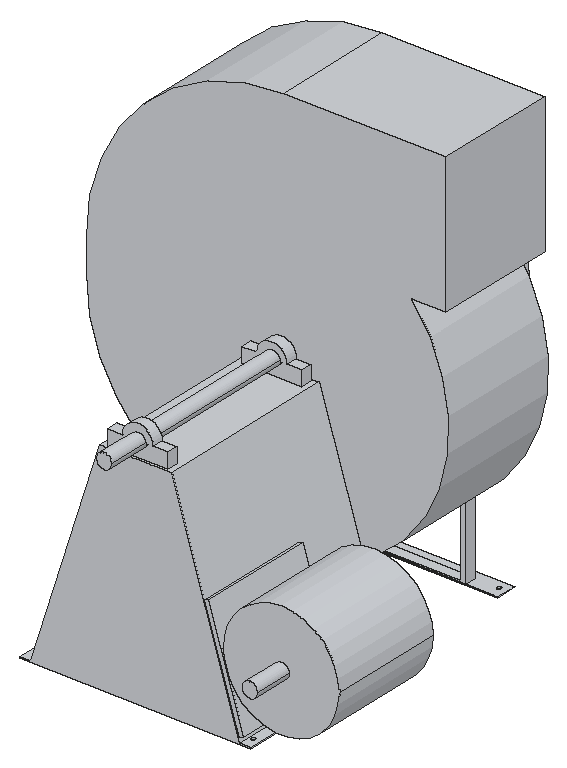
Revit family "IMH_ARR_1,9", category Mechanical Equipment, Revit 2019
Family settings
  Round Connector Dimension = Use Radius
  Part Type = Normal
  Work Plane-Based = No
  Always vertical = No
  Cut with Voids When Loaded = No
  Shared = No
  Room Calculation Point = No
Parameters (values of type "260_MHR_ARR_1_9")
  ZERO = 0.00°  # constant formula
  Z = 49.625"
  Y = 33.500"
  X = 38.1875"
  W = 8.000"
  Unit Weight [instance] = ""
  UNIT_SIZE = 260
  UBD_CW = if(UBD, CW, NO)  # no
  UBD_CCW = if(UBD, CCW, NO)  # no
  UBD = no
  U = 16.375"
  Type_Mark [instance] = ""
  THIRD_CURVE = A / 6  # 4.07292"
  THD_CW = if(THD, CW, NO)  # yes
  THD_CCW = if(THD, CCW, NO)  # no
  THD = yes
  TAU_CW = if(TAU, CW, NO)  # no
  TAU_CCW = if(TAU, CCW, NO)  # no
  TAU = no
  TAD_CW = if(TAD, CW, NO)  # no
  TAD_CCW = if(TAD, CCW, NO)  # no
  TAD = no
  HALF_T = T / 2  # 1.34375"
  T3 = T + T + 1.000"  # 6.375"
  T = 2.6875"
  Sones [instance] = ""
  SECOND_CURVE = A / 8  # 3.05469"
  S = 13.5625"
  R3 = -R * 0.75  # -20.8125"
  R = 27.750"
  DimQ = R / 2  # 13.875"
  HALF_P = P / 2  # 0.40625"
  P = 0.8125"
  NO = UNIT_SIZE = 9999999999999  # no
  NA = N - A  # 16.750"
  N = 41.1875"
  Motor RPM [instance] = ""
  Motor Enclosure [instance] = ""
  ModelID [instance] = ""
  HALF_M = M / 2  # 14.500"
  M3 = M - (A / 5)  # 24.1125"
  M4 = M - (A / 5)  # 24.1125"
  M = 29.000"
  LwA [instance] = ""
  L_RAD = 18.15625"
  L = 35.125"
  K = 19.375"
  J = 7.000"
  H = 82.9375"
  G = 58.6875"
  Fan RPM [instance] = ""
  FIRST_CURVE = 0.000"  # constant formula
  F = 43.9375"
  HALF_E = E / 2  # 10.3125"
  E_LESS_2 = E - 2.000"  # 18.625"
  E = 20.625"
  DBD_CW = if(DBD, CW, NO)  # no
  DBD_CCW = if(DBD, CCW, NO)  # no
  DBD = no
  CW = yes
  CCW = not(CW)  # no
  BHD_CW = if(BHD, CW, NO)  # no
  BHD_CCW = if(BHD, CCW, NO)  # no
  BHD = no
  BAU_CW = if(BAU, CW, NO)  # no
  BAU_CCW = if(BAU, CCW, NO)  # no
  BAU = no
  BAD_CW = if(BAD, CW, NO)  # no
  BAD_CCW = if(BAD, CCW, NO)  # no
  BAD = no
  Accessories [instance] = ""
  2T = T + T  # 5.375"
  2S = S + S  # 27.125"
  R4 = -R * 0.75  # -20.8125"
  D3 = -D + 0.125"  # -41.625"
  D = 41.750"
  HALF_C = C / 2  # 13.000"
  C = 26.000"
  BB = 30.250"
  HALF_B = B / 2  # 10.875"
  B3 = B + 0.250"  # 22.000"
  B = 21.750"
  ANGLEs [instance] = 225.00°
  AA = 31.875"
  A/5 = A / 5  # 4.8875"
  A/2 = A / 2  # 12.21875"
  A+.25 = A + 0.250"  # 24.6875"
  A = 24.4375"
  90 = 90.00°  # constant formula
  Three = 3.000"  # constant formula
  Brake Hp [instance] = ""
  Four = 4.000"  # constant formula
  Two_Feet = 24.000"
  Two_Inches = 2.000"  # constant formula
  One_Inch = 1.000"  # constant formula
  0 = 0.000"  # constant formula
  Voltage [instance] = 0 V
  URL = "www.lorencook.com"
  Type Comments = "Industrial Material Handler Backward Inclined Reinforced Radial Blade Belt Driven Single Width Single Inlet Arrangement 1_9"
  Static Pressure [instance] = 0.00 in-wg
  Power [instance] = Voltage * Motor FLA * sqrt(if(Phase = 3, 3, 1))  # 0 VA
  Phase [instance] = 0
  Number of Poles [instance] = 1
  Motor Hp [instance] = "0"
  Motor FLA [instance] = 0 A
  Model = "MHR"
  Manufacturer = "Loren Cook Company"
  CFM [instance] = 0 CFM
  1.5 = 1.500"  # constant formula
  91_AA = 0.91 * AA  # 29.00625"
  ONE EIGTH = 0.125"  # constant formula
  NEG_F = -F  # -43.9375"
  NEG_D = -D  # -41.750"
  B4 = -((B + 0.250") / 2)  # -11.000"
  NA3 = (N - A) / 2  # 8.375"
  C3 = (C / 2) - 0.125"  # 12.875"
  C4 = (C / 2) + 2.000"  # 15.000"
  B5 = (B + 0.250") / 2  # 11.000"
Reference planes (in)
  plane 1 "Center (Front/Back)": y = 0
  plane 2: z = 0
  plane 3 "Center (Left/Right)": x = 0.40541
Forms (in)
  Extrusion 1, solid
    sketch origin (0, 0, 0) x (1, 0, 0) y (0, 0, 1)
      loop
        circle (0.40541, 0) r 1.5
    from -11 <- "B4" to 11 <- "B5"
  Extrusion 2, solid
    sketch origin (0, 0, 0) x (1, 0, 0) y (0, 0, 1)
      loop
        line (19.03041, -41.625) -> (6.78041, -2.6875) -> (-5.96959, -2.6875) -> (-18.21959, -41.625) -> (-20.21959, -41.625) -> (-20.21959, -41.75) -> (21.03041, -41.75) -> (21.03041, -41.625) -> (19.03041, -41.625)
    from 43.9375 <- "F" to 11 <- "B5"
  Extrusion 3, solid
    sketch origin (0, -43.9375, 0) x (1, 0, 0) y (0, 0, 1)
      loop
        circle (0.40541, 0) r 1.34375
    from 7 <- "J" to -43.9375 <- "NEG_F"
  Extrusion 4, solid
    sketch origin (0, 0, 0) x (1, 0, 0) y (0, 1, 0)
      loop
        line (-20.21959, 14.75) -> (-20.21959, 11) -> (21.03041, 11) -> (21.03041, 14.75) -> (-20.21959, 14.75)
    from -41.625 <- "D3" to -41.75 <- "NEG_D"
  Extrusion 5, solid
    sketch origin (0, 11, 0) x (-1, 0, 0) y (0, 0, 1)
      loop
        line (-15.40541, 15) -> (-15.40541, -41.625) -> (14.59459, -41.625) -> (14.59459, 15) -> (-15.40541, 15)
      loop
        line (-14.40541, -15) -> (-14.40541, -41.5) -> (13.59459, -41.5) -> (13.59459, -15) -> (-14.40541, -15)
      loop
        line (-14.40541, -14) -> (13.59459, -14) -> (13.59459, 14) -> (-14.40541, 14) -> (-14.40541, -14)
    from 0 to 2
  Revolve 6, void
    sketch origin (0.40541, 0, 0) x (0, 1, 0) y (0, 0, 1)
      loop
        line (11, 13) -> (0, 11) -> (0, 0) -> (11, 0) -> (11, 13)
      axis (0, 0) -> (11, 0)
    angle from 0 to 360
  Extrusion 7, void
    sketch origin (0, 0, 0) x (1, 0, 0) y (0, 1, 0)
      loop
        circle (19.78041, 12.9375) r 0.40625
      loop
        circle (19.78041, -14.1875) r 0.40625
      loop
        circle (19.78041, -28.0625) r 0.40625
      loop
        circle (19.78041, -41.9375) r 0.40625
      loop
        circle (-18.96959, -41.9375) r 0.40625
      loop
        circle (-18.96959, -28.0625) r 0.40625
      loop
        circle (-18.96959, -14.1875) r 0.40625
      loop
        circle (-18.96959, 12.9375) r 0.40625
    from -41.625 <- "D3" to -41.75 <- "NEG_D"
  Extrusion 8, solid
    sketch origin (0, -43.9375, 0) x (1, 0, 0) y (0, 0, 1)
      loop
        line (-4.96959, 0) -> (-4.96959, -2.6875) -> (5.78041, -2.6875) -> (5.78041, 0) -> (3.09291, 0)
        arc (3.09291, 0) -> (0.40541, 2.6875) -> (-2.28209, 0) r 2.6875
        line (-2.28209, 0) -> (-4.96959, 0)
    from -2.5 to -0.5
  Extrusion 9, solid
    sketch origin (0, -11, 0) x (-1, 0, 0) y (0, 0, 1)
      loop
        arc (2.28209, 0) -> (-0.40541, 2.6875) -> (-3.09291, 0) r 2.6875
        line (-3.09291, 0) -> (-5.78041, 0) -> (-5.78041, -2.6875) -> (4.96959, -2.6875) -> (4.96959, 0) -> (2.28209, 0)
    from -2.5 to -0.5
  Extrusion 10, solid
    sketch origin (0, 11, 0) x (-1, 0, 0) y (0, 0, 1)
      loop
        circle (-0.40541, 0) r 12.875
      loop
        circle (-0.40541, 0) r 13
    from 0 <- "0" to 16.375 <- "U"
  Extrusion 11, solid
    sketch origin (0, -43.9375, 0) x (1, 0, 0) y (0, 0, 1)
      loop
        line (12.54064, -20.99678) -> (18.73031, -40.67109) -> (19.68421, -40.37099) -> (13.49454, -20.69668) -> (12.54064, -20.99678)
    from 0 to -20.8125 <- "R4"
  Extrusion 12, solid
    sketch origin (0, -43.9375, 0) x (1, 0, 0) y (0, 0, 1)
      loop
        circle (26.42653, -27.439) r 10.3125
    from 0 to -20.8125 <- "R4"
  Extrusion 13, solid
    sketch origin (0, -43.9375, 0) x (1, 0, 0) y (0, 0, 1)
      loop
        circle (26.42653, -27.439) r 1.34375
    from 0 to 7 <- "J"
Cuts and joins
  Revolve 6 cuts Extrusion 1
  Revolve 6 cuts Extrusion 3
  Revolve 6 cuts Extrusion 5
  Extrusion 7 cuts Extrusion 2
  Extrusion 7 cuts Extrusion 4
Lines and regions (in)
  reference lines
    curve 1: line (0.40541, 0, 0) -> (-11.43863, 0, -11.84404)
    curve 2: line (0.40541, 39.4375, 0) -> (0.40541, -53.5625, 0)
Dimensions and locks (in)
  "0": level to curve 1
  "0": curve 1 to plane 3 "Center (Left/Right)"
  "NA": curve 1 to curve 1
  "E": plane 3 "Center (Left/Right)" to Extrusion 2 sketch curve
  "E": Extrusion 2 sketch curve to plane 3 "Center (Left/Right)"
  "ONE EIGTH": Extrusion 2 sketch curve to Extrusion 2 sketch curve  (x2)
  "D": level to Extrusion 2 sketch curve
  "0": Extrusion 3 sketch curve to plane 3 "Center (Left/Right)"
  "0": Extrusion 3 sketch curve to level
  "G": Extrusion 2 to Extrusion 4 sketch curve
  "0": Extrusion 4 sketch curve to cut or joined group of Extrusion 1, Revolve 6
  "0": Extrusion 4 sketch curve to Extrusion 2
  "0": Extrusion 2 to Extrusion 4 sketch curve
  "One_Inch": Extrusion 5 sketch curve to Extrusion 5 sketch curve  (x6)
  "ONE EIGTH": Extrusion 5 sketch curve to Extrusion 5 sketch curve
  "C4": level to Extrusion 5 sketch curve
  "C4": Extrusion 5 sketch curve to level
  "C4": plane 3 "Center (Left/Right)" to Extrusion 5 sketch curve
  "C4": Extrusion 5 sketch curve to plane 3 "Center (Left/Right)"
  "ONE EIGTH": Extrusion 4 to Extrusion 5 sketch curve
  "0": Revolve 6 sketch curve to level  (x2)
  "B5": Revolve 6 sketch curve to Revolve 6 sketch curve  (x2)
  "0": Revolve 6 sketch curve to cut or joined group of Extrusion 1, Revolve 6
  "K": plane 3 "Center (Left/Right)" to Extrusion 7 sketch curve  (x4)
  "Two_Inches": Extrusion 2 to Extrusion 7 sketch curve
  "DimQ": Extrusion 7 sketch curve to Extrusion 7 sketch curve  (x4)
  "2S": Extrusion 7 sketch curve to Extrusion 7 sketch curve  (x2)
  "K": Extrusion 7 sketch curve to plane 3 "Center (Left/Right)"  (x4)
  "Two_Inches": cut or joined group of Extrusion 2, Extrusion 7 to Extrusion 7 sketch curve
  "2T": plane 3 "Center (Left/Right)" to Extrusion 8 sketch curve
  "2T": Extrusion 8 sketch curve to plane 3 "Center (Left/Right)"
  "0": Extrusion 8 sketch curve to level  (x2)
  "0": Extrusion 8 sketch curve to plane 3 "Center (Left/Right)"
  "0": Extrusion 9 sketch curve to plane 3 "Center (Left/Right)"
  "0": Extrusion 9 sketch curve to level  (x2)
  "0": level to Extrusion 9 sketch curve
  "2T": Extrusion 9 sketch curve to plane 3 "Center (Left/Right)"  (x2)
  "HALF_C": Revolve 6 sketch curve to level
  "0": Extrusion 10 sketch curve to plane 3 "Center (Left/Right)"  (x2)
  "0": Extrusion 10 sketch curve to level  (x2)
  "T3": plane 3 "Center (Left/Right)" to Extrusion 2 sketch curve
  "T3": Extrusion 2 sketch curve to plane 3 "Center (Left/Right)"
  "T": level to Extrusion 2 sketch curve
  "Two_Inches": Extrusion 2 sketch curve to Extrusion 2 sketch curve  (x2)
  "0": Extrusion 11 sketch curve to cut or joined group of Extrusion 2, Extrusion 7
  "One_Inch": Extrusion 11 sketch curve to Extrusion 11 sketch curve
  "E": Extrusion 11 sketch curve to Extrusion 11 sketch curve
  "One_Inch": cut or joined group of Extrusion 2, Extrusion 7 to Extrusion 11 sketch curve
  "HALF_E": Extrusion 12 sketch curve to Extrusion 11
  "HALF_E": Extrusion 11 to Extrusion 12 sketch curve
  "HALF_E": Extrusion 13 sketch curve to Extrusion 11
  "HALF_E": Extrusion 11 to Extrusion 13 sketch curve
  "HALF_T": radius of Extrusion 3 sketch curve
  "HALF_P": radius of Extrusion 7 sketch curve  (x8)
  "T": radius of Extrusion 8 sketch curve
  "T": radius of Extrusion 9 sketch curve
  "HALF_C": radius of Extrusion 10 sketch curve
  "C3": radius of Extrusion 10 sketch curve
  "HALF_E": radius of Extrusion 12 sketch curve
  "HALF_T": radius of Extrusion 13 sketch curve
  "ANGLEs": angle curve 1 to plane 3 "Center (Left/Right)"
  "ZERO": angle cut or joined group of Extrusion 2, Extrusion 7 to Extrusion 11 sketch curve
  aligned and locked: level to plane 2
  aligned and locked: plane 3 "Center (Left/Right)" to nested 1
  aligned and locked: nested 4 to plane 3 "Center (Left/Right)"
  aligned and locked: nested 4 to nested 5
  aligned and locked: nested 5 to nested 6
  aligned and locked: nested 4 to nested 2
  aligned and locked: level to nested 4
  aligned and locked: level to nested 3
  aligned and locked: level to nested 5
  aligned and locked: level to nested 2
  aligned and locked: level to nested 8
  aligned and locked: plane 1 "Center (Front/Back)" to nested 8
  aligned and locked: plane 1 "Center (Front/Back)" to nested 7
  aligned and locked: plane 1 "Center (Front/Back)" to nested 3
  aligned and locked: plane 1 "Center (Front/Back)" to nested 2
  aligned and locked: plane 1 "Center (Front/Back)" to nested 6
  aligned and locked: plane 1 "Center (Front/Back)" to nested 5
  aligned and locked: plane 1 "Center (Front/Back)" to nested 4
  aligned and locked: level to nested 12
  aligned and locked: level to nested 11
  aligned and locked: level to nested 13
  aligned and locked: level to nested 10
  aligned and locked: level to nested 16
  aligned and locked: nested 15 to plane 1 "Center (Front/Back)"
  aligned and locked: plane 3 "Center (Left/Right)" to nested 15
  aligned and locked: nested 11 to plane 1 "Center (Front/Back)"
  aligned and locked: plane 3 "Center (Left/Right)" to nested 11
  aligned and locked: nested 16 to plane 1 "Center (Front/Back)"
  aligned and locked: plane 3 "Center (Left/Right)" to nested 16
  aligned and locked: nested 13 to plane 1 "Center (Front/Back)"
  aligned and locked: nested 12 to plane 1 "Center (Front/Back)"
  aligned and locked: nested 12 to curve 2
  aligned and locked: nested 10 to plane 1 "Center (Front/Back)"
  aligned and locked: plane 3 "Center (Left/Right)" to nested 10
  aligned and locked: nested 14 to plane 1 "Center (Front/Back)"
  aligned and locked: nested 9 to plane 1 "Center (Front/Back)"
  aligned and locked: plane 3 "Center (Left/Right)" to nested 14
  aligned and locked: nested 9 to plane 3 "Center (Left/Right)"
  aligned and locked: plane 3 "Center (Left/Right)" to nested 13
  aligned and locked: nested 3 to plane 3 "Center (Left/Right)"
  aligned and locked: nested 7 to plane 3 "Center (Left/Right)"
  aligned and locked: nested 8 to plane 3 "Center (Left/Right)"
  aligned and locked: level to nested 14
  aligned and locked: level to nested 6
Automatic sketch dimensions
  Revolve 6 sketch curve to Revolve 6 sketch curve = 4.250"
  Revolve 6 sketch curve to Revolve 6 sketch curve = 1.750"
  Extrusion 8 sketch curve to Extrusion 2 = 0.000"
  Extrusion 9 sketch curve to Extrusion 2 = 0.000"
  Extrusion 1 sketch curve to level = 0.000"
  Extrusion 1 sketch curve to plane 3 "Center (Left/Right)" = 0.000"
  curve 2 to plane 3 "Center (Left/Right)" = 0.000"
  plane 1 "Center (Front/Back)" to curve 2 = 53.5625"
  curve 2 to plane 1 "Center (Front/Back)" = 39.4375"
  radius of Extrusion 1 sketch curve = 1.500"
Nested families (in)
  nested 1: "IMH_SCROLL" at (0, 3, 0), visible <- "THD_CW", type "IMH_SCROLL"
    with UNIT_SIZE 260, N 41.1875", M 29.000", L 35.125", C 26.000", B+.25" 22.000", B 21.750", AA 31.875", A/4 6.10938", A+.25" 24.6875", A 24.4375"
  nested 2: "IMH_SCROLL" at (0.81082, 3, 0) x (-1, 0, 0) z (0, 0, -1), visible <- "BHD_CW", type "IMH_SCROLL"
    with UNIT_SIZE 260, N 41.1875", M 29.000", L 35.125", C 26.000", B+.25" 22.000", B 21.750", AA 31.875", A/4 6.10938", A+.25" 24.6875", A 24.4375"
  nested 3: "IMH_SCROLL" at (0.11874, 3, 0.28667) x (0.7071, 0, -0.7071) z (0.7071, 0, 0.7071), visible <- "TAD_CW", type "IMH_SCROLL"
    with UNIT_SIZE 260, N 41.1875", M 29.000", L 35.125", C 26.000", B+.25" 22.000", B 21.750", AA 31.875", A/4 6.10938", A+.25" 24.6875", A 24.4375"
  nested 4: "IMH_SCROLL" at (0.11874, 3, -0.28667) x (0.7071, 0, 0.7071) z (-0.7071, 0, 0.7071), visible <- "TAU_CW", type "IMH_SCROLL"
    with UNIT_SIZE 260, N 41.1875", M 29.000", L 35.125", C 26.000", B+.25" 22.000", B 21.750", AA 31.875", A/4 6.10938", A+.25" 24.6875", A 24.4375"
  nested 5: "IMH_SCROLL" at (0.40541, 3, -0.40541) x (0, 0, 1) z (-1, 0, 0), visible <- "UBD_CW", type "IMH_SCROLL"
    with UNIT_SIZE 260, N 41.1875", M 29.000", L 35.125", C 26.000", B+.25" 22.000", B 21.750", AA 31.875", A/4 6.10938", A+.25" 24.6875", A 24.4375"
  nested 6: "IMH_SCROLL" at (0.69208, 3, -0.28667) x (-0.7071, 0, 0.7071) z (-0.7071, 0, -0.7071), visible <- "BAU_CW", type "IMH_SCROLL"
    with UNIT_SIZE 260, N 41.1875", M 29.000", L 35.125", C 26.000", B+.25" 22.000", B 21.750", AA 31.875", A/4 6.10938", A+.25" 24.6875", A 24.4375"
  nested 7: "IMH_SCROLL" at (0.40541, 3, 0.40541) x (0, 0, -1) z (1, 0, 0), visible <- "DBD_CW", type "IMH_SCROLL"
    with UNIT_SIZE 260, N 41.1875", M 29.000", L 35.125", C 26.000", B+.25" 22.000", B 21.750", AA 31.875", A/4 6.10938", A+.25" 24.6875", A 24.4375"
  nested 8: "IMH_SCROLL" at (0.69208, 3, 0.28667) x (-0.7071, 0, -0.7071) z (0.7071, 0, -0.7071), visible <- "BAD_CW", type "IMH_SCROLL"
    with UNIT_SIZE 260, N 41.1875", M 29.000", L 35.125", C 26.000", B+.25" 22.000", B 21.750", AA 31.875", A/4 6.10938", A+.25" 24.6875", A 24.4375"
  nested 9: "IMH_SCROLL" at (0.81082, -3, 0) x (-1, 0, 0) z (0, 0, 1), visible <- "THD_CCW", type "IMH_SCROLL"
    with UNIT_SIZE 260, N 41.1875", M 29.000", L 35.125", C 26.000", B+.25" 22.000", B 21.750", AA 31.875", A/4 6.10938", A+.25" 24.6875", A 24.4375"
  nested 10: "IMH_SCROLL" at (0, -3, 0) x (1, 0, 0) z (0, 0, -1), visible <- "BHD_CCW", type "IMH_SCROLL"
    with UNIT_SIZE 260, N 41.1875", M 29.000", L 35.125", C 26.000", B+.25" 22.000", B 21.750", AA 31.875", A/4 6.10938", A+.25" 24.6875", A 24.4375"
  nested 11: "IMH_SCROLL" at (0.69208, -3, 0.28667) x (-0.7071, 0, -0.7071) z (-0.7071, 0, 0.7071), visible <- "TAD_CCW", type "IMH_SCROLL"
    with UNIT_SIZE 260, N 41.1875", M 29.000", L 35.125", C 26.000", B+.25" 22.000", B 21.750", AA 31.875", A/4 6.10938", A+.25" 24.6875", A 24.4375"
  nested 12: "IMH_SCROLL" at (0.69208, -3, -0.28667) x (-0.7071, 0, 0.7071) z (0.7071, 0, 0.7071), visible <- "TAU_CCW", type "IMH_SCROLL"
    with UNIT_SIZE 260, N 41.1875", M 29.000", L 35.125", C 26.000", B+.25" 22.000", B 21.750", AA 31.875", A/4 6.10938", A+.25" 24.6875", A 24.4375"
  nested 13: "IMH_SCROLL" at (0.40541, -3, -0.40541) x (0, 0, 1) z (1, 0, 0), visible <- "UBD_CCW", type "IMH_SCROLL"
    with UNIT_SIZE 260, N 41.1875", M 29.000", L 35.125", C 26.000", B+.25" 22.000", B 21.750", AA 31.875", A/4 6.10938", A+.25" 24.6875", A 24.4375"
  nested 14: "IMH_SCROLL" at (0.11874, -3, -0.28667) x (0.7071, 0, 0.7071) z (0.7071, 0, -0.7071), visible <- "BAU_CCW", type "IMH_SCROLL"
    with UNIT_SIZE 260, N 41.1875", M 29.000", L 35.125", C 26.000", B+.25" 22.000", B 21.750", AA 31.875", A/4 6.10938", A+.25" 24.6875", A 24.4375"
  nested 15: "IMH_SCROLL" at (0.40541, -3, 2.09518) x (0, 0, -1) z (-1, 0, 0), visible <- "DBD_CCW", type "IMH_SCROLL"
    with UNIT_SIZE 260, N 41.1875", M 29.000", L 35.125", C 26.000", B+.25" 22.000", B 21.750", AA 31.875", A/4 6.10938", A+.25" 24.6875", A 24.4375"
  nested 16: "IMH_SCROLL" at (0.11874, -3, 0.28667) x (0.7071, 0, -0.7071) z (-0.7071, 0, -0.7071), visible <- "BAD_CCW", type "IMH_SCROLL"
    with UNIT_SIZE 260, N 41.1875", M 29.000", L 35.125", C 26.000", B+.25" 22.000", B 21.750", AA 31.875", A/4 6.10938", A+.25" 24.6875", A 24.4375"
Connectors (in)
  hvac at (0.40541, 27.375, 0), driven by "CFM", driven by "HALF_C"
    settings: on Extrusion 10, index 3, duct flow 0 CFM, flow factor 0, pres drop 0.00 in-wg, loss coef 0, conn angle 0.00°, conn width 12", conn height 12", conn diameter 26", duct sys type 3, conn prof type 0, flow config 0, flow direction 1, loss method 0, conn ref index -1, conn util no, is conn primary yes, conn desc ""
  electrical at (26.42653, -23.125, -27.439)
    settings: on Extrusion 12, index 4, voltage 0 V, apparent load 0 VA, apparent load phase1 0 VA, apparent load phase2 0 VA, apparent load phase3 0 VA, power factor 1, load classification "Other", number of poles 1, system type 30, power factor state 1, is connector primary yes, connector utility no, sub classification motor no, connector description ""
  hvac at (0.5159, 0, 40.90171), driven by "CFM", driven by "A", driven by "B"
    settings: on nested 4, index 5, duct flow 0 CFM, flow factor 0, pres drop 0.00 in-wg, loss coef 0, conn angle 0.00°, conn width 21 3/4", conn height 24 7/16", conn diameter 24", duct sys type 3, conn prof type 1, flow config 0, flow direction 1, loss method 0, conn ref index -1, conn util no, is conn primary no, conn desc ""
  hvac at (29.40541, 0, 28.84375), driven by "CFM", driven by "A", driven by "B"
    settings: on nested 1, index 6, duct flow 0 CFM, flow factor 0, pres drop 0.00 in-wg, loss coef 0, conn angle 0.00°, conn width 21 3/4", conn height 24 7/16", conn diameter 24", duct sys type 3, conn prof type 1, flow config 0, flow direction 1, loss method 0, conn ref index -1, conn util no, is conn primary no, conn desc ""
  hvac at (41.30712, 0, -0.11049), driven by "CFM", driven by "A", driven by "B"
    settings: on nested 3, index 7, duct flow 0 CFM, flow factor 0, pres drop 0.00 in-wg, loss coef 0, conn angle 0.00°, conn width 21 3/4", conn height 24 7/16", conn diameter 24", duct sys type 3, conn prof type 1, flow config 0, flow direction 1, loss method 0, conn ref index -1, conn util no, is conn primary no, conn desc ""
  hvac at (29.24916, 0, -29), driven by "CFM", driven by "A", driven by "B"
    settings: on nested 7, index 8, duct flow 0 CFM, flow factor 0, pres drop 0.00 in-wg, loss coef 0, conn angle 0.00°, conn width 21 3/4", conn height 24 7/16", conn diameter 24", duct sys type 3, conn prof type 1, flow config 0, flow direction 1, loss method 0, conn ref index -1, conn util no, is conn primary no, conn desc ""
  hvac at (0.29493, 0, -40.90171), driven by "CFM", driven by "A", driven by "B"
    settings: on nested 8, index 9, duct flow 0 CFM, flow factor 0, pres drop 0.00 in-wg, loss coef 0, conn angle 0.00°, conn width 21 3/4", conn height 24 7/16", conn diameter 24", duct sys type 3, conn prof type 1, flow config 0, flow direction 1, loss method 0, conn ref index -1, conn util no, is conn primary no, conn desc ""
  hvac at (-28.59459, 0, -28.84375), driven by "CFM", driven by "A", driven by "B"
    settings: on nested 2, index 10, duct flow 0 CFM, flow factor 0, pres drop 0.00 in-wg, loss coef 0, conn angle 0.00°, conn width 21 3/4", conn height 24 7/16", conn diameter 24", duct sys type 3, conn prof type 1, flow config 0, flow direction 1, loss method 0, conn ref index -1, conn util no, is conn primary no, conn desc ""
  hvac at (-40.4963, 0, 0.11049), driven by "CFM", driven by "A", driven by "B"
    settings: on nested 6, index 11, duct flow 0 CFM, flow factor 0, pres drop 0.00 in-wg, loss coef 0, conn angle 0.00°, conn width 21 3/4", conn height 24 7/16", conn diameter 24", duct sys type 3, conn prof type 1, flow config 0, flow direction 1, loss method 0, conn ref index -1, conn util no, is conn primary no, conn desc ""
  hvac at (-28.43834, 0, 29), driven by "CFM", driven by "A", driven by "B"
    settings: on nested 5, index 12, duct flow 0 CFM, flow factor 0, pres drop 0.00 in-wg, loss coef 0, conn angle 0.00°, conn width 21 3/4", conn height 24 7/16", conn diameter 24", duct sys type 3, conn prof type 1, flow config 0, flow direction 1, loss method 0, conn ref index -1, conn util no, is conn primary no, conn desc ""
  hvac at (0.29493, 0, 40.90171), driven by "CFM", driven by "A", driven by "B"
    settings: on nested 12, index 13, duct flow 0 CFM, flow factor 0, pres drop 0.00 in-wg, loss coef 0, conn angle 0.00°, conn width 21 3/4", conn height 24 7/16", conn diameter 24", duct sys type 3, conn prof type 1, flow config 0, flow direction 1, loss method 0, conn ref index -1, conn util no, is conn primary no, conn desc ""
  hvac at (-28.59459, 0, 28.84375), driven by "CFM", driven by "A", driven by "B"
    settings: on nested 9, index 14, duct flow 0 CFM, flow factor 0, pres drop 0.00 in-wg, loss coef 0, conn angle 0.00°, conn width 21 3/4", conn height 24 7/16", conn diameter 24", duct sys type 3, conn prof type 1, flow config 0, flow direction 1, loss method 0, conn ref index -1, conn util no, is conn primary no, conn desc ""
  hvac at (-40.4963, 0, -0.11049), driven by "CFM", driven by "A", driven by "B"
    settings: on nested 11, index 15, duct flow 0 CFM, flow factor 0, pres drop 0.00 in-wg, loss coef 0, conn angle 0.00°, conn width 21 3/4", conn height 24 7/16", conn diameter 24", duct sys type 3, conn prof type 1, flow config 0, flow direction 1, loss method 0, conn ref index -1, conn util no, is conn primary no, conn desc ""
  hvac at (-28.43834, 0, -27.31023), driven by "CFM", driven by "A", driven by "B"
    settings: on nested 15, index 16, duct flow 0 CFM, flow factor 0, pres drop 0.00 in-wg, loss coef 0, conn angle 0.00°, conn width 21 3/4", conn height 24 7/16", conn diameter 24", duct sys type 3, conn prof type 1, flow config 0, flow direction 1, loss method 0, conn ref index -1, conn util no, is conn primary no, conn desc ""
  hvac at (0.5159, 0, -40.90171), driven by "CFM", driven by "A", driven by "B"
    settings: on nested 16, index 17, duct flow 0 CFM, flow factor 0, pres drop 0.00 in-wg, loss coef 0, conn angle 0.00°, conn width 21 3/4", conn height 24 7/16", conn diameter 24", duct sys type 3, conn prof type 1, flow config 0, flow direction 1, loss method 0, conn ref index -1, conn util no, is conn primary no, conn desc ""
  hvac at (29.40541, 0, -28.84375), driven by "CFM", driven by "A", driven by "B"
    settings: on nested 10, index 18, duct flow 0 CFM, flow factor 0, pres drop 0.00 in-wg, loss coef 0, conn angle 0.00°, conn width 21 3/4", conn height 24 7/16", conn diameter 24", duct sys type 3, conn prof type 1, flow config 0, flow direction 1, loss method 0, conn ref index -1, conn util no, is conn primary no, conn desc ""
  hvac at (41.30712, 0, 0.11049), driven by "CFM", driven by "A", driven by "B"
    settings: on nested 14, index 19, duct flow 0 CFM, flow factor 0, pres drop 0.00 in-wg, loss coef 0, conn angle 0.00°, conn width 21 3/4", conn height 24 7/16", conn diameter 24", duct sys type 3, conn prof type 1, flow config 0, flow direction 1, loss method 0, conn ref index -1, conn util no, is conn primary no, conn desc ""
  hvac at (29.24916, 0, 29), driven by "CFM", driven by "A", driven by "B"
    settings: on nested 13, index 20, duct flow 0 CFM, flow factor 0, pres drop 0.00 in-wg, loss coef 0, conn angle 0.00°, conn width 21 3/4", conn height 24 7/16", conn diameter 24", duct sys type 3, conn prof type 1, flow config 0, flow direction 1, loss method 0, conn ref index -1, conn util no, is conn primary no, conn desc ""
Definition of nested family "IMH_SCROLL"
  Parameters
    URL = "www.lorencook.com"
    UNIT_SIZE = 170
    Type Comments = "_"  # constant formula
    N = if(UNIT_SIZE = 70, 10.5625", if(UNIT_SIZE = 90, 13.500", if(UNIT_SIZE = 110, 16.4375", if(UNIT_SIZE = 130, 19.4375", if(UNIT_SIZE = 150, 22.375", if(UNIT_SIZE = 170, 25.375", if(UNIT_SIZE = 190, 28.250", if(UNIT_SIZE = 210, 31.250", if(UNIT_SIZE = 230, 34.3125", if(UNIT_SIZE = 260, 41.1875", 45.875"))))))))))  # 25.375"
    Model = "BLANK"  # constant formula
    Manufacturer = "Loren Cook Company"
    M = if(UNIT_SIZE = 70, 8.3125", if(UNIT_SIZE = 90, 10.625", if(UNIT_SIZE = 110, 13.000", if(UNIT_SIZE = 130, 15.375", if(UNIT_SIZE = 150, 17.750", if(UNIT_SIZE = 170, 20.125", if(UNIT_SIZE = 190, 22.4375", if(UNIT_SIZE = 210, 23.000", if(UNIT_SIZE = 230, 26.000", if(UNIT_SIZE = 260, 29.000", 31.750"))))))))))  # 20.125"
    L = if(UNIT_SIZE = 70, 9.6875", if(UNIT_SIZE = 90, 12.3125", if(UNIT_SIZE = 110, 15.0625", if(UNIT_SIZE = 130, 17.8125", if(UNIT_SIZE = 150, 20.625", if(UNIT_SIZE = 170, 23.750", if(UNIT_SIZE = 190, 25.9375", if(UNIT_SIZE = 210, 28.500", if(UNIT_SIZE = 230, 31.250", if(UNIT_SIZE = 260, 35.125", 39.500"))))))))))  # 23.750"
    C = if(UNIT_SIZE = 70, 7.000", if(UNIT_SIZE = 90, 9.000", if(UNIT_SIZE = 110, 11.000", if(UNIT_SIZE = 130, 13.000", if(UNIT_SIZE = 150, 15.000", if(UNIT_SIZE = 170, 17.000", if(UNIT_SIZE = 190, 19.000", if(UNIT_SIZE = 210, 21.000", if(UNIT_SIZE = 230, 23.000", if(UNIT_SIZE = 260, 26.000", 29.000"))))))))))  # 17.000"
    B+.25" = B + 0.250"  # 14.500"
    B = if(UNIT_SIZE = 70, 5.875", if(UNIT_SIZE = 90, 7.500", if(UNIT_SIZE = 110, 9.125", if(UNIT_SIZE = 130, 10.875", if(UNIT_SIZE = 150, 12.5625", if(UNIT_SIZE = 170, 14.250", if(UNIT_SIZE = 190, 15.875", if(UNIT_SIZE = 210, 17.5625", if(UNIT_SIZE = 230, 19.250", if(UNIT_SIZE = 260, 21.750", 24.250"))))))))))  # 14.250"
    AA = if(UNIT_SIZE = 70, 8.8125", if(UNIT_SIZE = 90, 11.1875", if(UNIT_SIZE = 110, 13.750", if(UNIT_SIZE = 130, 16.1875", if(UNIT_SIZE = 150, 18.875", if(UNIT_SIZE = 170, 21.250", if(UNIT_SIZE = 190, 23.750", if(UNIT_SIZE = 210, 25.750", if(UNIT_SIZE = 230, 28.3125", if(UNIT_SIZE = 260, 31.875", 35.750"))))))))))  # 21.250"
    A/4 = A / 4  # 4.000"
    A+.25" = A + 0.250"  # 16.250"
    A = if(UNIT_SIZE = 70, 6.625", if(UNIT_SIZE = 90, 8.4375", if(UNIT_SIZE = 110, 10.375", if(UNIT_SIZE = 130, 12.1875", if(UNIT_SIZE = 150, 14.0625", if(UNIT_SIZE = 170, 16.000", if(UNIT_SIZE = 190, 17.8125", if(UNIT_SIZE = 210, 19.750", if(UNIT_SIZE = 230, 21.625", if(UNIT_SIZE = 260, 24.4375", 27.3125"))))))))))  # 16.000"
  Reference planes (in)
    plane 1 "Center (Front/Back)": y = -3
    plane 2: z = 0
    plane 3 "Center (Left/Right)": x = 0.40541
    plane 4: z = -21.25
    plane 5: x = -23.34459
    plane 6: z = 25.375
    plane 7: x = 20.53041
    plane 8: x = 16.53041
    plane 9: z = 9.125
    plane 10: y = 4.25
    plane 11: y = -10.25
  Forms (in)
    Extrusion 1, solid
      sketch origin (0, -3, 0) x (1, 0, 0) y (0, 0, 1)
        loop
          line (16.53041, 9.125) -> (20.53041, 9.125) -> (20.53041, 25.375) -> (0.40541, 25.375)
          arc (0.40541, 25.375) -> (-16.38837, 18.41879) -> (-23.34459, 1.625) r 23.75
          line (-23.34459, 1.625) -> (-23.34459, 0)
          arc (-23.34459, 0) -> (-17.12061, -15.02602) -> (-2.09459, -21.25) r 21.25
          line (-2.09459, -21.25) -> (0.40541, -21.25)
          arc (0.40541, -21.25) -> (17.6003, -10.91056) -> (16.53041, 9.125) r 19.46759
      from -7.25 to 7.25
  Lines and regions (in)
    reference lines
      curve 1: line (0.40541, 30.25, 0) -> (0.40541, -30.75, 0)
  Dimensions and locks (in)
    "M": plane 7 to plane 3 "Center (Left/Right)"
    "L": plane 3 "Center (Left/Right)" to plane 5
    "AA": level to plane 4
    "N": plane 6 to level
    "A/4": plane 7 to plane 8
    "A+.25"": plane 6 to plane 9
    equal spacing: plane 10, plane 1 "Center (Front/Back)", plane 11
    "B+.25"": plane 11 to plane 10
    "L": radius of Extrusion 1 sketch curve
    "AA": radius of Extrusion 1 sketch curve
    aligned and locked: Extrusion 1 sketch curve to plane 6
    aligned and locked: plane 7 to Extrusion 1 sketch curve
    aligned and locked: Extrusion 1 sketch curve to plane 9
    aligned and locked: plane 8 to Extrusion 1 sketch curve
    aligned and locked: plane 3 "Center (Left/Right)" to Extrusion 1 sketch curve
    aligned and locked: Extrusion 1 sketch curve to plane 4
    aligned and locked: plane 5 to Extrusion 1 sketch curve
    aligned and locked: level to Extrusion 1 sketch curve
    aligned and locked: plane 10 to Extrusion 1
    aligned and locked: plane 11 to Extrusion 1
    aligned and locked: curve 1 to plane 3 "Center (Left/Right)"
    aligned and locked: curve 1 to level
  Automatic sketch dimensions
    Extrusion 1 sketch curve to plane 3 "Center (Left/Right)" = 0.000"
    plane 11 to curve 1 = 20.500"
    plane 10 to curve 1 = 26.000"
Types (45): name | Z | Y | X | W | UNIT_SIZE | U | THIRD_CURVE | HALF_T | T3 | T | SECOND_CURVE | S | R3 | R | DimQ | HALF_P | P | NA | N | HALF_M | M3 | M4 | M | L | K | J | H | G | F | HALF_E | E_LESS_2 | E | 2T | 2S | R4 | D3 | D | HALF_C | C | BB | HALF_B | B3 | B | AA | A/5 | A/2 | A+.25 | A | Type Comments | Model | 91_AA | NEG_F | NEG_D | B4 | NA3 | C3 | C4 | B5
  (no name) | 49.625" | 33.500" | 38.1875" | 8.000" | 260 | 16.375" | 4.07292" | 1.34375" | 6.375" | 2.6875" | 3.05469" | 13.5625" | -20.8125" | 27.750" | 13.875" | 0.40625" | 0.8125" | 16.750" | 41.1875" | 14.500" | 24.1125" | 24.1125" | 29.000" | 35.125" | 19.375" | 7.000" | 82.9375" | 58.6875" | 43.9375" | 10.3125" | 18.625" | 20.625" | 5.375" | 27.125" | -20.8125" | -41.625" | 41.750" | 13.000" | 26.000" | 30.250" | 10.875" | 22.000" | 21.750" | 31.875" | 4.8875" | 12.21875" | 24.6875" | 24.4375" | "Industrial Material Handler Backward Inclined Reinforced Radial Blade Belt Driven Single Width Single Inlet Arrangement 1_9" | "MHR" | 29.00625" | -43.9375" | -41.750" | -11.000" | 8.375" | 12.875" | 15.000" | 11.000"
  70_MHA_ARR_1_9 | 13.375" | 9.250" | 10.125" | 6.000" | 70 | 6.1875" | 1.10417" | 0.59375" | 3.375" | 1.1875" | 0.82812" | 4.250" | -11.15625" | 14.875" | 7.4375" | 0.28125" | 0.5625" | 3.9375" | 10.5625" | 4.15625" | 6.9875" | 6.9875" | 8.3125" | 9.6875" | 9.1875" | 4.000" | 24.1875" | 26.250" | 21.0625" | 4.84375" | 7.6875" | 9.6875" | 2.375" | 8.500" | -11.15625" | -14.125" | 14.250" | 3.500" | 7.000" | 8.375" | 2.9375" | 6.125" | 5.875" | 8.8125" | 1.325" | 3.3125" | 6.875" | 6.625" | "Industrial Material Handler Backward Inclined Flat Blade Belt Driven Single Width Single Inlet Arrangement 1_9" | "MHA" | 8.01938" | -21.0625" | -14.250" | -3.0625" | 1.96875" | 3.375" | 5.500" | 3.0625"
  90_MHA_ARR_1_9 | 17.0625" | 11.750" | 12.9375" | 6.000" | 90 | 7.000" | 1.40625" | 0.71875" | 3.875" | 1.4375" | 1.05469" | 5.0625" | -11.15625" | 14.875" | 7.4375" | 0.28125" | 0.5625" | 5.0625" | 13.500" | 5.3125" | 8.9375" | 8.9375" | 10.625" | 12.3125" | 9.1875" | 4.000" | 28.750" | 27.875" | 21.875" | 4.84375" | 7.6875" | 9.6875" | 2.875" | 10.125" | -11.15625" | -15.125" | 15.250" | 4.500" | 9.000" | 10.625" | 3.750" | 7.750" | 7.500" | 11.1875" | 1.6875" | 4.21875" | 8.6875" | 8.4375" | "Industrial Material Handler Backward Inclined Flat Blade Belt Driven Single Width Single Inlet Arrangement 1_9" | "MHA" | 10.18063" | -21.875" | -15.250" | -3.875" | 2.53125" | 4.375" | 6.500" | 3.875"
  110_MHA_ARR_1_9 | 20.8125" | 14.4375" | 15.750" | 8.000" | 110 | 8.8125" | 1.72917" | 0.71875" | 3.875" | 1.4375" | 1.29688" | 6.500" | -12.375" | 16.500" | 8.250" | 0.28125" | 0.5625" | 6.0625" | 16.4375" | 6.500" | 10.925" | 10.925" | 13.000" | 15.0625" | 9.1875" | 4.000" | 35.1875" | 32.875" | 25.000" | 4.84375" | 7.6875" | 9.6875" | 2.875" | 13.000" | -12.375" | -18.625" | 18.750" | 5.500" | 11.000" | 13.0625" | 4.5625" | 9.375" | 9.125" | 13.750" | 2.075" | 5.1875" | 10.625" | 10.375" | "Industrial Material Handler Backward Inclined Flat Blade Belt Driven Single Width Single Inlet Arrangement 1_9" | "MHA" | 12.5125" | -25.000" | -18.750" | -4.6875" | 3.03125" | 5.375" | 7.500" | 4.6875"
  130_MHA_ARR_1_9 | 24.625" | 17.000" | 18.625" | 8.000" | 130 | 9.8125" | 2.03125" | 0.84375" | 4.375" | 1.6875" | 1.52344" | 7.375" | -12.5625" | 16.750" | 8.375" | 0.34375" | 0.6875" | 7.250" | 19.4375" | 7.6875" | 12.9375" | 12.9375" | 15.375" | 17.8125" | 11.000" | 5.000" | 41.1875" | 34.875" | 26.1875" | 5.875" | 9.750" | 11.750" | 3.375" | 14.750" | -12.5625" | -21.625" | 21.750" | 6.500" | 13.000" | 15.375" | 5.4375" | 11.125" | 10.875" | 16.1875" | 2.4375" | 6.09375" | 12.4375" | 12.1875" | "Industrial Material Handler Backward Inclined Flat Blade Belt Driven Single Width Single Inlet Arrangement 1_9" | "MHA" | 14.73063" | -26.1875" | -21.750" | -5.5625" | 3.625" | 6.375" | 8.500" | 5.5625"
  150_MHA_ARR_1_9 | 28.375" | 19.750" | 21.500" | 8.000" | 150 | 10.6875" | 2.34375" | 0.96875" | 4.875" | 1.9375" | 1.75781" | 8.21875" | -16.125" | 21.500" | 10.750" | 0.34375" | 0.6875" | 8.3125" | 22.375" | 8.875" | 14.9375" | 14.9375" | 17.750" | 20.625" | 12.250" | 5.000" | 47.625" | 41.3125" | 31.750" | 6.500" | 11.000" | 13.000" | 3.875" | 16.4375" | -16.125" | -25.125" | 25.250" | 7.500" | 15.000" | 18.000" | 6.28125" | 12.8125" | 12.5625" | 18.875" | 2.8125" | 7.03125" | 14.3125" | 14.0625" | "Industrial Material Handler Backward Inclined Flat Blade Belt Driven Single Width Single Inlet Arrangement 1_9" | "MHA" | 17.17625" | -31.750" | -25.250" | -6.40625" | 4.15625" | 7.375" | 9.500" | 6.40625"
  170_MHA_ARR_1_9 | 32.1875" | 22.500" | 24.5625" | 8.000" | 170 | 11.500" | 2.66667" | 1.09375" | 5.375" | 2.1875" | 2.000" | 9.0625" | -16.125" | 21.500" | 10.750" | 0.34375" | 0.6875" | 9.375" | 25.375" | 10.0625" | 16.925" | 16.925" | 20.125" | 23.750" | 13.125" | 6.000" | 53.625" | 43.000" | 32.5625" | 6.9375" | 11.875" | 13.875" | 4.375" | 18.125" | -16.125" | -28.125" | 28.250" | 8.500" | 17.000" | 20.250" | 7.125" | 14.500" | 14.250" | 21.250" | 3.200" | 8.000" | 16.250" | 16.000" | "Industrial Material Handler Backward Inclined Flat Blade Belt Driven Single Width Single Inlet Arrangement 1_9" | "MHA" | 19.3375" | -32.5625" | -28.250" | -7.250" | 4.6875" | 8.375" | 10.500" | 7.250"
  190_MHA_ARR_1_9 | 35.8125" | 24.875" | 27.125" | 8.000" | 190 | 12.3125" | 2.96875" | 1.21875" | 5.875" | 2.4375" | 2.22656" | 9.9375" | -17.0625" | 22.750" | 11.375" | 0.34375" | 0.6875" | 10.4375" | 28.250" | 11.21875" | 18.875" | 18.875" | 22.4375" | 25.9375" | 14.5625" | 6.000" | 59.500" | 46.000" | 34.6875" | 7.65625" | 13.3125" | 15.3125" | 4.875" | 19.875" | -17.0625" | -31.125" | 31.250" | 9.500" | 19.000" | 22.625" | 7.9375" | 16.125" | 15.875" | 23.750" | 3.5625" | 8.90625" | 18.0625" | 17.8125" | "Industrial Material Handler Backward Inclined Flat Blade Belt Driven Single Width Single Inlet Arrangement 1_9" | "MHA" | 21.6125" | -34.6875" | -31.250" | -8.0625" | 5.21875" | 9.375" | 11.500" | 8.0625"
  210_MHA_ARR_1_9 | 38.375" | 27.125" | 29.875" | 8.000" | 210 | 13.1875" | 3.29167" | 1.21875" | 5.875" | 2.4375" | 2.46875" | 10.65625" | -19.125" | 25.500" | 12.750" | 0.34375" | 0.6875" | 11.500" | 31.250" | 11.500" | 19.050" | 19.050" | 23.000" | 28.500" | 15.8125" | 6.000" | 65.750" | 50.375" | 38.250" | 8.28125" | 14.5625" | 16.5625" | 4.875" | 21.3125" | -19.125" | -34.375" | 34.500" | 10.500" | 21.000" | 24.375" | 8.78125" | 17.8125" | 17.5625" | 25.750" | 3.950" | 9.875" | 20.000" | 19.750" | "Industrial Material Handler Backward Inclined Flat Blade Belt Driven Single Width Single Inlet Arrangement 1_9" | "MHA" | 23.4325" | -38.250" | -34.500" | -8.90625" | 5.750" | 10.375" | 12.500" | 8.90625"
  230_MHA_ARR_1_9 | 42.625" | 29.8125" | 32.8125" | 8.000" | 230 | 15.125" | 3.60417" | 1.34375" | 6.375" | 2.6875" | 2.70312" | 12.3125" | -20.15625" | 26.875" | 13.4375" | 0.40625" | 0.8125" | 12.6875" | 34.3125" | 13.000" | 21.675" | 21.675" | 26.000" | 31.250" | 17.5625" | 7.000" | 71.8125" | 55.250" | 41.125" | 9.40625" | 16.8125" | 18.8125" | 5.375" | 24.625" | -20.15625" | -37.375" | 37.500" | 11.500" | 23.000" | 26.8125" | 9.625" | 19.500" | 19.250" | 28.3125" | 4.325" | 10.8125" | 21.875" | 21.625" | "Industrial Material Handler Backward Inclined Flat Blade Belt Driven Single Width Single Inlet Arrangement 1_9" | "MHA" | 25.76438" | -41.125" | -37.500" | -9.750" | 6.34375" | 11.375" | 13.500" | 9.750"
  260_MHA_ARR_1_9 | 49.625" | 33.500" | 38.1875" | 8.000" | 260 | 16.375" | 4.07292" | 1.34375" | 6.375" | 2.6875" | 3.05469" | 13.5625" | -20.8125" | 27.750" | 13.875" | 0.40625" | 0.8125" | 16.750" | 41.1875" | 14.500" | 24.1125" | 24.1125" | 29.000" | 35.125" | 19.375" | 7.000" | 82.9375" | 58.6875" | 43.9375" | 10.3125" | 18.625" | 20.625" | 5.375" | 27.125" | -20.8125" | -41.625" | 41.750" | 13.000" | 26.000" | 30.250" | 10.875" | 22.000" | 21.750" | 31.875" | 4.8875" | 12.21875" | 24.6875" | 24.4375" | "Industrial Material Handler Backward Inclined Flat Blade Belt Driven Single Width Single Inlet Arrangement 1_9" | "MHA" | 29.00625" | -43.9375" | -41.750" | -11.000" | 8.375" | 12.875" | 15.000" | 11.000"
  290_MHA_ARR_1_9 | 54.875" | 37.625" | 42.6875" | 8.000" | 290 | 17.625" | 4.55208" | 1.46875" | 6.875" | 2.9375" | 3.41406" | 14.8125" | -21.5625" | 28.750" | 14.375" | 0.40625" | 0.8125" | 18.5625" | 45.875" | 15.875" | 26.2875" | 26.2875" | 31.750" | 39.500" | 21.250" | 8.000" | 92.500" | 62.1875" | 45.5625" | 11.250" | 20.500" | 22.500" | 5.875" | 29.625" | -21.5625" | -46.375" | 46.500" | 14.500" | 29.000" | 33.875" | 12.125" | 24.500" | 24.250" | 35.750" | 5.4625" | 13.65625" | 27.5625" | 27.3125" | "Industrial Material Handler Backward Inclined Flat Blade Belt Driven Single Width Single Inlet Arrangement 1_9" | "MHA" | 32.5325" | -45.5625" | -46.500" | -12.250" | 9.28125" | 14.375" | 16.500" | 12.250"
  110_MHB_ARR_1_9 | 20.8125" | 14.4375" | 15.750" | 8.000" | 110 | 8.8125" | 1.72917" | 0.71875" | 3.875" | 1.4375" | 1.29688" | 6.500" | -12.375" | 16.500" | 8.250" | 0.28125" | 0.5625" | 6.0625" | 16.4375" | 6.500" | 10.925" | 10.925" | 13.000" | 15.0625" | 9.1875" | 4.000" | 35.1875" | 32.875" | 25.000" | 4.84375" | 7.6875" | 9.6875" | 2.875" | 13.000" | -12.375" | -18.625" | 18.750" | 5.500" | 11.000" | 13.0625" | 4.5625" | 9.375" | 9.125" | 13.750" | 2.075" | 5.1875" | 10.625" | 10.375" | "Industrial Material Handler Backward Inclined Backplated Radial Blade Belt Driven Single Width Single Inlet Arrangement 1_9" | "MHB" | 12.5125" | -25.000" | -18.750" | -4.6875" | 3.03125" | 5.375" | 7.500" | 4.6875"
  110_MHR_ARR_1_9 | 20.8125" | 14.4375" | 15.750" | 8.000" | 110 | 8.8125" | 1.72917" | 0.71875" | 3.875" | 1.4375" | 1.29688" | 6.500" | -12.375" | 16.500" | 8.250" | 0.28125" | 0.5625" | 6.0625" | 16.4375" | 6.500" | 10.925" | 10.925" | 13.000" | 15.0625" | 9.1875" | 4.000" | 35.1875" | 32.875" | 25.000" | 4.84375" | 7.6875" | 9.6875" | 2.875" | 13.000" | -12.375" | -18.625" | 18.750" | 5.500" | 11.000" | 13.0625" | 4.5625" | 9.375" | 9.125" | 13.750" | 2.075" | 5.1875" | 10.625" | 10.375" | "Industrial Material Handler Backward Inclined Reinforced Radial Blade Belt Driven Single Width Single Inlet Arrangement 1_9" | "MHR" | 12.5125" | -25.000" | -18.750" | -4.6875" | 3.03125" | 5.375" | 7.500" | 4.6875"
  130_MHB_ARR_1_9 | 24.625" | 17.000" | 18.625" | 8.000" | 130 | 9.8125" | 2.03125" | 0.84375" | 4.375" | 1.6875" | 1.52344" | 7.375" | -12.5625" | 16.750" | 8.375" | 0.34375" | 0.6875" | 7.250" | 19.4375" | 7.6875" | 12.9375" | 12.9375" | 15.375" | 17.8125" | 11.000" | 5.000" | 41.1875" | 34.875" | 26.1875" | 5.875" | 9.750" | 11.750" | 3.375" | 14.750" | -12.5625" | -21.625" | 21.750" | 6.500" | 13.000" | 15.375" | 5.4375" | 11.125" | 10.875" | 16.1875" | 2.4375" | 6.09375" | 12.4375" | 12.1875" | "Industrial Material Handler Backward Inclined Backplated Radial Blade Belt Driven Single Width Single Inlet Arrangement 1_9" | "MHB" | 14.73063" | -26.1875" | -21.750" | -5.5625" | 3.625" | 6.375" | 8.500" | 5.5625"
  130_MHR_ARR_1_9 | 24.625" | 17.000" | 18.625" | 8.000" | 130 | 9.8125" | 2.03125" | 0.84375" | 4.375" | 1.6875" | 1.52344" | 7.375" | -12.5625" | 16.750" | 8.375" | 0.34375" | 0.6875" | 7.250" | 19.4375" | 7.6875" | 12.9375" | 12.9375" | 15.375" | 17.8125" | 11.000" | 5.000" | 41.1875" | 34.875" | 26.1875" | 5.875" | 9.750" | 11.750" | 3.375" | 14.750" | -12.5625" | -21.625" | 21.750" | 6.500" | 13.000" | 15.375" | 5.4375" | 11.125" | 10.875" | 16.1875" | 2.4375" | 6.09375" | 12.4375" | 12.1875" | "Industrial Material Handler Backward Inclined Reinforced Radial Blade Belt Driven Single Width Single Inlet Arrangement 1_9" | "MHR" | 14.73063" | -26.1875" | -21.750" | -5.5625" | 3.625" | 6.375" | 8.500" | 5.5625"
  150_MHB_ARR_1_9 | 28.375" | 19.750" | 21.500" | 8.000" | 150 | 10.6875" | 2.34375" | 0.96875" | 4.875" | 1.9375" | 1.75781" | 8.21875" | -16.125" | 21.500" | 10.750" | 0.34375" | 0.6875" | 8.3125" | 22.375" | 8.875" | 14.9375" | 14.9375" | 17.750" | 20.625" | 12.250" | 5.000" | 47.625" | 41.3125" | 31.750" | 6.500" | 11.000" | 13.000" | 3.875" | 16.4375" | -16.125" | -25.125" | 25.250" | 7.500" | 15.000" | 18.000" | 6.28125" | 12.8125" | 12.5625" | 18.875" | 2.8125" | 7.03125" | 14.3125" | 14.0625" | "Industrial Material Handler Backward Inclined Backplated Radial Blade Belt Driven Single Width Single Inlet Arrangement 1_9" | "MHB" | 17.17625" | -31.750" | -25.250" | -6.40625" | 4.15625" | 7.375" | 9.500" | 6.40625"
  150_MHR_ARR_1_9 | 28.375" | 19.750" | 21.500" | 8.000" | 150 | 10.6875" | 2.34375" | 0.96875" | 4.875" | 1.9375" | 1.75781" | 8.21875" | -16.125" | 21.500" | 10.750" | 0.34375" | 0.6875" | 8.3125" | 22.375" | 8.875" | 14.9375" | 14.9375" | 17.750" | 20.625" | 12.250" | 5.000" | 47.625" | 41.3125" | 31.750" | 6.500" | 11.000" | 13.000" | 3.875" | 16.4375" | -16.125" | -25.125" | 25.250" | 7.500" | 15.000" | 18.000" | 6.28125" | 12.8125" | 12.5625" | 18.875" | 2.8125" | 7.03125" | 14.3125" | 14.0625" | "Industrial Material Handler Backward Inclined Reinforced Radial Blade Belt Driven Single Width Single Inlet Arrangement 1_9" | "MHR" | 17.17625" | -31.750" | -25.250" | -6.40625" | 4.15625" | 7.375" | 9.500" | 6.40625"
  170_MHB_ARR_1_9 | 32.1875" | 22.500" | 24.5625" | 8.000" | 170 | 11.500" | 2.66667" | 1.09375" | 5.375" | 2.1875" | 2.000" | 9.0625" | -16.125" | 21.500" | 10.750" | 0.34375" | 0.6875" | 9.375" | 25.375" | 10.0625" | 16.925" | 16.925" | 20.125" | 23.750" | 13.125" | 6.000" | 53.625" | 43.000" | 32.5625" | 6.9375" | 11.875" | 13.875" | 4.375" | 18.125" | -16.125" | -28.125" | 28.250" | 8.500" | 17.000" | 20.250" | 7.125" | 14.500" | 14.250" | 21.250" | 3.200" | 8.000" | 16.250" | 16.000" | "Industrial Material Handler Backward Inclined Backplated Radial Blade Belt Driven Single Width Single Inlet Arrangement 1_9" | "MHB" | 19.3375" | -32.5625" | -28.250" | -7.250" | 4.6875" | 8.375" | 10.500" | 7.250"
  170_MHR_ARR_1_9 | 32.1875" | 22.500" | 24.5625" | 8.000" | 170 | 11.500" | 2.66667" | 1.09375" | 5.375" | 2.1875" | 2.000" | 9.0625" | -16.125" | 21.500" | 10.750" | 0.34375" | 0.6875" | 9.375" | 25.375" | 10.0625" | 16.925" | 16.925" | 20.125" | 23.750" | 13.125" | 6.000" | 53.625" | 43.000" | 32.5625" | 6.9375" | 11.875" | 13.875" | 4.375" | 18.125" | -16.125" | -28.125" | 28.250" | 8.500" | 17.000" | 20.250" | 7.125" | 14.500" | 14.250" | 21.250" | 3.200" | 8.000" | 16.250" | 16.000" | "Industrial Material Handler Backward Inclined Reinforced Radial Blade Belt Driven Single Width Single Inlet Arrangement 1_9" | "MHR" | 19.3375" | -32.5625" | -28.250" | -7.250" | 4.6875" | 8.375" | 10.500" | 7.250"
  190_MHB_ARR_1_9 | 35.8125" | 24.875" | 27.125" | 8.000" | 190 | 12.3125" | 2.96875" | 1.21875" | 5.875" | 2.4375" | 2.22656" | 9.9375" | -17.0625" | 22.750" | 11.375" | 0.34375" | 0.6875" | 10.4375" | 28.250" | 11.21875" | 18.875" | 18.875" | 22.4375" | 25.9375" | 14.5625" | 6.000" | 59.500" | 46.000" | 34.6875" | 7.65625" | 13.3125" | 15.3125" | 4.875" | 19.875" | -17.0625" | -31.125" | 31.250" | 9.500" | 19.000" | 22.625" | 7.9375" | 16.125" | 15.875" | 23.750" | 3.5625" | 8.90625" | 18.0625" | 17.8125" | "Industrial Material Handler Backward Inclined Backplated Radial Blade Belt Driven Single Width Single Inlet Arrangement 1_9" | "MHB" | 21.6125" | -34.6875" | -31.250" | -8.0625" | 5.21875" | 9.375" | 11.500" | 8.0625"
  190_MHR_ARR_1_9 | 35.8125" | 24.875" | 27.125" | 8.000" | 190 | 12.3125" | 2.96875" | 1.21875" | 5.875" | 2.4375" | 2.22656" | 9.9375" | -17.0625" | 22.750" | 11.375" | 0.34375" | 0.6875" | 10.4375" | 28.250" | 11.21875" | 18.875" | 18.875" | 22.4375" | 25.9375" | 14.5625" | 6.000" | 59.500" | 46.000" | 34.6875" | 7.65625" | 13.3125" | 15.3125" | 4.875" | 19.875" | -17.0625" | -31.125" | 31.250" | 9.500" | 19.000" | 22.625" | 7.9375" | 16.125" | 15.875" | 23.750" | 3.5625" | 8.90625" | 18.0625" | 17.8125" | "Industrial Material Handler Backward Inclined Reinforced Radial Blade Belt Driven Single Width Single Inlet Arrangement 1_9" | "MHR" | 21.6125" | -34.6875" | -31.250" | -8.0625" | 5.21875" | 9.375" | 11.500" | 8.0625"
  210_MHB_ARR_1_9 | 38.375" | 27.125" | 29.875" | 8.000" | 210 | 13.1875" | 3.29167" | 1.21875" | 5.875" | 2.4375" | 2.46875" | 10.65625" | -19.125" | 25.500" | 12.750" | 0.34375" | 0.6875" | 11.500" | 31.250" | 11.500" | 19.050" | 19.050" | 23.000" | 28.500" | 15.8125" | 6.000" | 65.750" | 50.375" | 38.250" | 8.28125" | 14.5625" | 16.5625" | 4.875" | 21.3125" | -19.125" | -34.375" | 34.500" | 10.500" | 21.000" | 24.375" | 8.78125" | 17.8125" | 17.5625" | 25.750" | 3.950" | 9.875" | 20.000" | 19.750" | "Industrial Material Handler Backward Inclined Backplated Radial Blade Belt Driven Single Width Single Inlet Arrangement 1_9" | "MHB" | 23.4325" | -38.250" | -34.500" | -8.90625" | 5.750" | 10.375" | 12.500" | 8.90625"
  210_MHR_ARR_1_9 | 38.375" | 27.125" | 29.875" | 8.000" | 210 | 13.1875" | 3.29167" | 1.21875" | 5.875" | 2.4375" | 2.46875" | 10.65625" | -19.125" | 25.500" | 12.750" | 0.34375" | 0.6875" | 11.500" | 31.250" | 11.500" | 19.050" | 19.050" | 23.000" | 28.500" | 15.8125" | 6.000" | 65.750" | 50.375" | 38.250" | 8.28125" | 14.5625" | 16.5625" | 4.875" | 21.3125" | -19.125" | -34.375" | 34.500" | 10.500" | 21.000" | 24.375" | 8.78125" | 17.8125" | 17.5625" | 25.750" | 3.950" | 9.875" | 20.000" | 19.750" | "Industrial Material Handler Backward Inclined Reinforced Radial Blade Belt Driven Single Width Single Inlet Arrangement 1_9" | "MHR" | 23.4325" | -38.250" | -34.500" | -8.90625" | 5.750" | 10.375" | 12.500" | 8.90625"
  230_MHB_ARR_1_9 | 42.625" | 29.8125" | 32.8125" | 8.000" | 230 | 15.125" | 3.60417" | 1.34375" | 6.375" | 2.6875" | 2.70312" | 12.3125" | -20.15625" | 26.875" | 13.4375" | 0.40625" | 0.8125" | 12.6875" | 34.3125" | 13.000" | 21.675" | 21.675" | 26.000" | 31.250" | 17.5625" | 7.000" | 71.8125" | 55.250" | 41.125" | 9.40625" | 16.8125" | 18.8125" | 5.375" | 24.625" | -20.15625" | -37.375" | 37.500" | 11.500" | 23.000" | 26.8125" | 9.625" | 19.500" | 19.250" | 28.3125" | 4.325" | 10.8125" | 21.875" | 21.625" | "Industrial Material Handler Backward Inclined Backplated Radial Blade Belt Driven Single Width Single Inlet Arrangement 1_9" | "MHB" | 25.76438" | -41.125" | -37.500" | -9.750" | 6.34375" | 11.375" | 13.500" | 9.750"
  230_MHR_ARR_1_9 | 42.625" | 29.8125" | 32.8125" | 8.000" | 230 | 15.125" | 3.60417" | 1.34375" | 6.375" | 2.6875" | 2.70312" | 12.3125" | -20.15625" | 26.875" | 13.4375" | 0.40625" | 0.8125" | 12.6875" | 34.3125" | 13.000" | 21.675" | 21.675" | 26.000" | 31.250" | 17.5625" | 7.000" | 71.8125" | 55.250" | 41.125" | 9.40625" | 16.8125" | 18.8125" | 5.375" | 24.625" | -20.15625" | -37.375" | 37.500" | 11.500" | 23.000" | 26.8125" | 9.625" | 19.500" | 19.250" | 28.3125" | 4.325" | 10.8125" | 21.875" | 21.625" | "Industrial Material Handler Backward Inclined Reinforced Radial Blade Belt Driven Single Width Single Inlet Arrangement 1_9" | "MHR" | 25.76438" | -41.125" | -37.500" | -9.750" | 6.34375" | 11.375" | 13.500" | 9.750"
  260_MHB_ARR_1_9 | 49.625" | 33.500" | 38.1875" | 8.000" | 260 | 16.375" | 4.07292" | 1.34375" | 6.375" | 2.6875" | 3.05469" | 13.5625" | -20.8125" | 27.750" | 13.875" | 0.40625" | 0.8125" | 16.750" | 41.1875" | 14.500" | 24.1125" | 24.1125" | 29.000" | 35.125" | 19.375" | 7.000" | 82.9375" | 58.6875" | 43.9375" | 10.3125" | 18.625" | 20.625" | 5.375" | 27.125" | -20.8125" | -41.625" | 41.750" | 13.000" | 26.000" | 30.250" | 10.875" | 22.000" | 21.750" | 31.875" | 4.8875" | 12.21875" | 24.6875" | 24.4375" | "Industrial Material Handler Backward Inclined Backplated Radial Blade Belt Driven Single Width Single Inlet Arrangement 1_9" | "MHB" | 29.00625" | -43.9375" | -41.750" | -11.000" | 8.375" | 12.875" | 15.000" | 11.000"
  260_MHR_ARR_1_9 | 49.625" | 33.500" | 38.1875" | 8.000" | 260 | 16.375" | 4.07292" | 1.34375" | 6.375" | 2.6875" | 3.05469" | 13.5625" | -20.8125" | 27.750" | 13.875" | 0.40625" | 0.8125" | 16.750" | 41.1875" | 14.500" | 24.1125" | 24.1125" | 29.000" | 35.125" | 19.375" | 7.000" | 82.9375" | 58.6875" | 43.9375" | 10.3125" | 18.625" | 20.625" | 5.375" | 27.125" | -20.8125" | -41.625" | 41.750" | 13.000" | 26.000" | 30.250" | 10.875" | 22.000" | 21.750" | 31.875" | 4.8875" | 12.21875" | 24.6875" | 24.4375" | "Industrial Material Handler Backward Inclined Reinforced Radial Blade Belt Driven Single Width Single Inlet Arrangement 1_9" | "MHR" | 29.00625" | -43.9375" | -41.750" | -11.000" | 8.375" | 12.875" | 15.000" | 11.000"
  290_MHB_ARR_1_9 | 54.875" | 37.625" | 42.6875" | 8.000" | 290 | 17.625" | 4.55208" | 1.46875" | 6.875" | 2.9375" | 3.41406" | 14.8125" | -21.5625" | 28.750" | 14.375" | 0.40625" | 0.8125" | 18.5625" | 45.875" | 15.875" | 26.2875" | 26.2875" | 31.750" | 39.500" | 21.250" | 8.000" | 92.500" | 62.1875" | 45.5625" | 11.250" | 20.500" | 22.500" | 5.875" | 29.625" | -21.5625" | -46.375" | 46.500" | 14.500" | 29.000" | 33.875" | 12.125" | 24.500" | 24.250" | 35.750" | 5.4625" | 13.65625" | 27.5625" | 27.3125" | "Industrial Material Handler Backward Inclined Backplated Radial Blade Belt Driven Single Width Single Inlet Arrangement 1_9" | "MHB" | 32.5325" | -45.5625" | -46.500" | -12.250" | 9.28125" | 14.375" | 16.500" | 12.250"
  290_MHR_ARR_1_9 | 54.875" | 37.625" | 42.6875" | 8.000" | 290 | 17.625" | 4.55208" | 1.46875" | 6.875" | 2.9375" | 3.41406" | 14.8125" | -21.5625" | 28.750" | 14.375" | 0.40625" | 0.8125" | 18.5625" | 45.875" | 15.875" | 26.2875" | 26.2875" | 31.750" | 39.500" | 21.250" | 8.000" | 92.500" | 62.1875" | 45.5625" | 11.250" | 20.500" | 22.500" | 5.875" | 29.625" | -21.5625" | -46.375" | 46.500" | 14.500" | 29.000" | 33.875" | 12.125" | 24.500" | 24.250" | 35.750" | 5.4625" | 13.65625" | 27.5625" | 27.3125" | "Industrial Material Handler Backward Inclined Reinforced Radial Blade Belt Driven Single Width Single Inlet Arrangement 1_9" | "MHR" | 32.5325" | -45.5625" | -46.500" | -12.250" | 9.28125" | 14.375" | 16.500" | 12.250"
  70_MHB_ARR_1_9 | 13.375" | 9.250" | 10.125" | 6.000" | 70 | 6.1875" | 1.10417" | 0.59375" | 3.375" | 1.1875" | 0.82812" | 4.250" | -11.15625" | 14.875" | 7.4375" | 0.28125" | 0.5625" | 3.9375" | 10.5625" | 4.15625" | 6.9875" | 6.9875" | 8.3125" | 9.6875" | 9.1875" | 4.000" | 24.1875" | 26.250" | 21.0625" | 4.84375" | 7.6875" | 9.6875" | 2.375" | 8.500" | -11.15625" | -14.125" | 14.250" | 3.500" | 7.000" | 8.375" | 2.9375" | 6.125" | 5.875" | 8.8125" | 1.325" | 3.3125" | 6.875" | 6.625" | "Industrial Material Handler Backward Inclined Backplated Radial Blade Belt Driven Single Width Single Inlet Arrangement 1_9" | "MHB" | 8.01938" | -21.0625" | -14.250" | -3.0625" | 1.96875" | 3.375" | 5.500" | 3.0625"
  70_MHR_ARR_1_9 | 13.375" | 9.250" | 10.125" | 6.000" | 70 | 6.1875" | 1.10417" | 0.59375" | 3.375" | 1.1875" | 0.82812" | 4.250" | -11.15625" | 14.875" | 7.4375" | 0.28125" | 0.5625" | 3.9375" | 10.5625" | 4.15625" | 6.9875" | 6.9875" | 8.3125" | 9.6875" | 9.1875" | 4.000" | 24.1875" | 26.250" | 21.0625" | 4.84375" | 7.6875" | 9.6875" | 2.375" | 8.500" | -11.15625" | -14.125" | 14.250" | 3.500" | 7.000" | 8.375" | 2.9375" | 6.125" | 5.875" | 8.8125" | 1.325" | 3.3125" | 6.875" | 6.625" | "Industrial Material Handler Backward Inclined Reinforced Radial Blade Belt Driven Single Width Single Inlet Arrangement 1_9" | "MHR" | 8.01938" | -21.0625" | -14.250" | -3.0625" | 1.96875" | 3.375" | 5.500" | 3.0625"
  90_MHB_ARR_1_9 | 17.0625" | 11.750" | 12.9375" | 6.000" | 90 | 7.000" | 1.40625" | 0.71875" | 3.875" | 1.4375" | 1.05469" | 5.0625" | -11.15625" | 14.875" | 7.4375" | 0.28125" | 0.5625" | 5.0625" | 13.500" | 5.3125" | 8.9375" | 8.9375" | 10.625" | 12.3125" | 9.1875" | 4.000" | 28.750" | 27.875" | 21.875" | 4.84375" | 7.6875" | 9.6875" | 2.875" | 10.125" | -11.15625" | -15.125" | 15.250" | 4.500" | 9.000" | 10.625" | 3.750" | 7.750" | 7.500" | 11.1875" | 1.6875" | 4.21875" | 8.6875" | 8.4375" | "Industrial Material Handler Backward Inclined Backplated Radial Blade Belt Driven Single Width Single Inlet Arrangement 1_9" | "MHB" | 10.18063" | -21.875" | -15.250" | -3.875" | 2.53125" | 4.375" | 6.500" | 3.875"
  90_MHR_ARR_1_9 | 17.0625" | 11.750" | 12.9375" | 6.000" | 90 | 7.000" | 1.40625" | 0.71875" | 3.875" | 1.4375" | 1.05469" | 5.0625" | -11.15625" | 14.875" | 7.4375" | 0.28125" | 0.5625" | 5.0625" | 13.500" | 5.3125" | 8.9375" | 8.9375" | 10.625" | 12.3125" | 9.1875" | 4.000" | 28.750" | 27.875" | 21.875" | 4.84375" | 7.6875" | 9.6875" | 2.875" | 10.125" | -11.15625" | -15.125" | 15.250" | 4.500" | 9.000" | 10.625" | 3.750" | 7.750" | 7.500" | 11.1875" | 1.6875" | 4.21875" | 8.6875" | 8.4375" | "Industrial Material Handler Backward Inclined Reinforced Radial Blade Belt Driven Single Width Single Inlet Arrangement 1_9" | "MHR" | 10.18063" | -21.875" | -15.250" | -3.875" | 2.53125" | 4.375" | 6.500" | 3.875"
